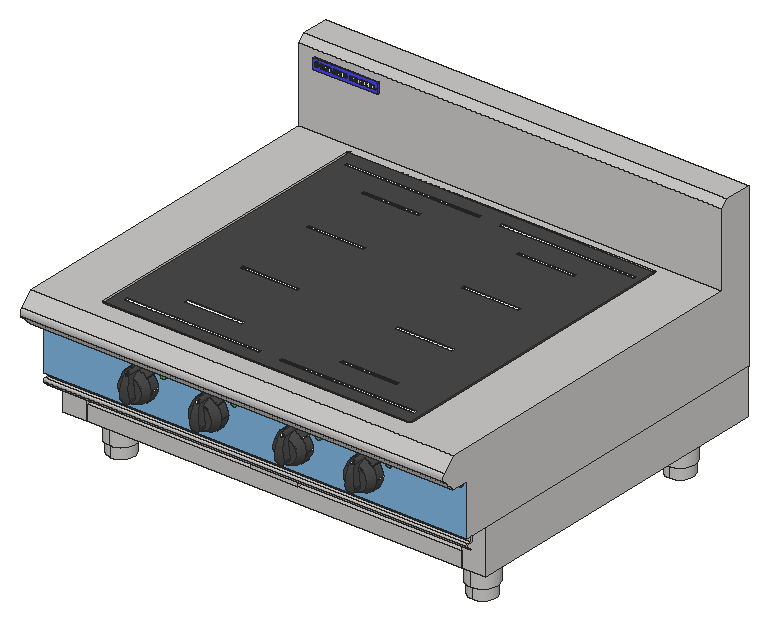
Revit family "QF_Moffat_IN514F-B_Induction_Cooktop_cat", category Specialty Equipment, Revit 2019 (continued)
Definition of nested family "Knob"
  Forms (mm)
    Extrusion 3, void
      sketch origin (0, 0, 0) x (1, 0, 0) y (0, 0, 1)
        loop
          line (27.501, 64.613) -> (22.02, 20.585)
          arc (22.02, 20.585) -> (32.792, 10.488) -> (42.986, 21.169) r 10.487
          line (42.986, 21.169) -> (37.499, 64.613)
          arc (37.499, 64.613) -> (32.5, 69.5) -> (27.501, 64.613) r 5
        loop
          line (10, 72.977) -> (10, 5.625) -> (55, 5.625) -> (55, 72.977) -> (10, 72.977)
      from 6.142 to 69.687
    Extrusion 4, solid
      sketch origin (0, -34.115, -16.916) x (1, 0, 0) y (0, 0.45399, 0.891007)
        loop
          circle (32.497, 65) r 2
      from 51.525 to 53.075
    Extrusion 5, solid
      sketch origin (32.5, -10, 32.5) x (0, 0, -1) y (-1, 0, 0)
        loop
          line (-23.54, -22.408) -> (-24.106, -22.974)
          arc (-24.106, -22.974) -> (-23.547, -23.547) -> (-22.974, -24.106) r 33.3
          line (-22.974, -24.106) -> (-22.408, -23.54)
          arc (-22.408, -23.54) -> (-22.981, -22.981) -> (-23.54, -22.408) r 32.5
        loop
          arc (-0.8, -33.29) -> (0, -33.3) -> (0.8, -33.29) r 33.3
          line (0.8, -33.29) -> (0.8, -32.49)
          arc (0.8, -32.49) -> (0, -32.5) -> (-0.8, -32.49) r 32.5
          line (-0.8, -32.49) -> (-0.8, -33.29)
        loop
          arc (23.54, -22.408) -> (22.981, -22.981) -> (22.408, -23.54) r 32.5
          line (22.408, -23.54) -> (22.974, -24.106)
          arc (22.974, -24.106) -> (23.547, -23.547) -> (24.106, -22.974) r 33.3
          line (24.106, -22.974) -> (23.54, -22.408)
        loop
          arc (-23.54, 22.408) -> (-22.981, 22.981) -> (-22.408, 23.54) r 32.5
          line (-22.408, 23.54) -> (-22.974, 24.106)
          arc (-22.974, 24.106) -> (-23.547, 23.547) -> (-24.106, 22.974) r 33.3
          line (-24.106, 22.974) -> (-23.54, 22.408)
        loop
          line (-0.8, 33.29) -> (-0.8, 32.49)
          arc (-0.8, 32.49) -> (0, 32.5) -> (0.8, 32.49) r 32.5
          line (0.8, 32.49) -> (0.8, 33.29)
          arc (0.8, 33.29) -> (0, 33.3) -> (-0.8, 33.29) r 33.3
        loop
          line (32.49, -0.8) -> (33.29, -0.8)
          arc (33.29, -0.8) -> (33.3, 0) -> (33.29, 0.8) r 33.3
          line (33.29, 0.8) -> (32.49, 0.8)
          arc (32.49, 0.8) -> (32.5, 0) -> (32.49, -0.8) r 32.5
        loop
          arc (24.106, 22.974) -> (23.547, 23.547) -> (22.974, 24.106) r 33.3
          line (22.974, 24.106) -> (22.408, 23.54)
          arc (22.408, 23.54) -> (22.981, 22.981) -> (23.54, 22.408) r 32.5
          line (23.54, 22.408) -> (24.106, 22.974)
      from 0 to -16.709
  Cuts and joins
    Extrusion 3 cuts Extrusion 2
  Dimensions and locks
    equal spacing: plane 3 "LEFT", plane 7 "Center Y", plane 4 "RIGHT"
    "Length": plane 3 "LEFT" to plane 4 "RIGHT"
    equal spacing: plane 5 "FRONT", plane 8 "Center X", plane 1 "BACK"
    "Depth": plane 5 "FRONT" to plane 1 "BACK"
    "Height": plane 6 "TOP" to level
    plane 4 "RIGHT" to plane 3 "LEFT" = 65 mm
    aligned and locked: level to plane 2
  Automatic sketch dimensions
    Revolve 1 sketch curve to level = 0 mm
    Revolve 1 sketch curve to plane 1 "BACK" = 0 mm  (x2)
    plane 1 "BACK" to Revolve 1 sketch curve = 10 mm
    plane 8 "Center X" to Revolve 1 sketch curve = 2.791 mm
    Revolve 1 sketch curve to plane 8 "Center X" = 14.5 mm
    level to Revolve 1 sketch curve = 7.699 mm
    level to Revolve 1 sketch curve = 27.5 mm
    Revolve 1 sketch curve to Revolve 1 sketch curve = 5 mm
    Revolve 1 sketch curve to Revolve 1 sketch curve = 35 mm
    Revolve 1 sketch curve to Revolve 1 sketch curve = 0 mm
    Extrusion 2 sketch curve to plane 6 "TOP" = 0 mm
    Extrusion 2 sketch curve to plane 5 "FRONT" = 3.702 mm
    Extrusion 2 sketch curve to plane 5 "FRONT" = 10.293 mm
    Extrusion 2 sketch curve to Extrusion 2 sketch curve = 11.298 mm
    plane 8 "Center X" to Extrusion 2 sketch curve = 2.791 mm
    plane 1 "BACK" to Extrusion 2 sketch curve = 10 mm
    Extrusion 2 sketch curve to plane 1 "BACK" = 11 mm
    Extrusion 2 sketch curve to plane 6 "TOP" = 4.5 mm
    Extrusion 2 sketch curve to plane 6 "TOP" = 12.199 mm
    level to Extrusion 2 sketch curve = 32.962 mm
    level to Extrusion 3 sketch curve = 5.625 mm
    Extrusion 3 sketch curve to plane 7 "Center Y" = 0 mm  (x2)
    Extrusion 3 sketch curve to plane 7 "Center Y" = 4.999 mm
    Extrusion 3 sketch curve to plane 7 "Center Y" = 10.48 mm
    plane 6 "TOP" to Extrusion 3 sketch curve = 3.477 mm
    plane 3 "LEFT" to Extrusion 3 sketch curve = 10 mm
    Extrusion 3 sketch curve to plane 6 "TOP" = 4.887 mm
    Extrusion 3 sketch curve to Extrusion 3 sketch curve = 4.999 mm
    plane 7 "Center Y" to Extrusion 3 sketch curve = 10.486 mm
    level to Extrusion 3 sketch curve = 20.585 mm
    Extrusion 3 sketch curve to Extrusion 3 sketch curve = 0.387 mm
    Extrusion 3 sketch curve to Extrusion 3 sketch curve = 0.113 mm
    plane 4 "RIGHT" to Extrusion 3 sketch curve = 10 mm
    Extrusion 5 sketch curve to Revolve 1 = 32.49 mm
    Revolve 1 to Extrusion 5 sketch curve = 32.49 mm
    Extrusion 5 sketch curve to Revolve 1 = 23.54 mm  (x2)
    Revolve 1 to Extrusion 5 sketch curve = 23.54 mm  (x2)
    Extrusion 5 sketch curve to Revolve 1 = 24.106 mm  (x2)
    Revolve 1 to Extrusion 5 sketch curve = 24.106 mm  (x2)
    Revolve 1 to Extrusion 5 sketch curve = 22.408 mm  (x2)
    Extrusion 5 sketch curve to Revolve 1 = 22.408 mm  (x2)
    Revolve 1 to Extrusion 5 sketch curve = 22.974 mm  (x2)
    Extrusion 5 sketch curve to Revolve 1 = 22.974 mm  (x2)
    Extrusion 5 sketch curve to Extrusion 5 sketch curve = 1.6 mm  (x2)
    Revolve 1 to Extrusion 5 sketch curve = 0.8 mm
    Extrusion 5 sketch curve to Revolve 1 = 0.8 mm
    Extrusion 4 sketch curve to plane 7 "Center Y" = 0.003 mm
    radius of Extrusion 5 sketch curve to Revolve 1 = 0 mm  (x7)
    radius of Revolve 1 to Extrusion 5 sketch curve = 0.8 mm  (x7)
    radius of Extrusion 4 sketch curve = 2 mm
